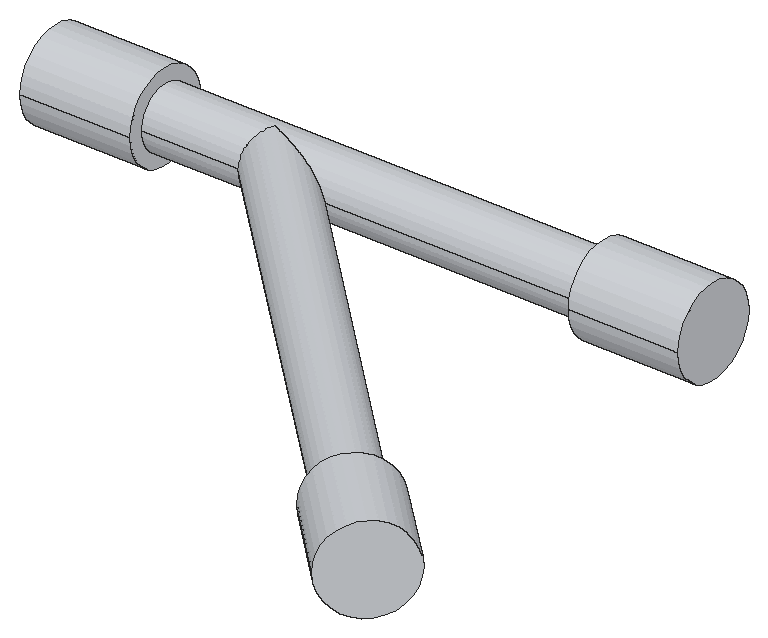
Revit family "06a89709483b40dc8cf69f677e60b89f", category Pipe Accessories, Revit 2021
Family settings
  Round Connector Dimension = Use Radius
  Part Type = Breaks Into
  OmniClass Number = 23.65.55.14
  OmniClass Title = Valves for Liquid Services
  Seek Item ID = Y Strainer - 0.25-4 Inch - Threaded-0000-USA-ENU
  Work Plane-Based = No
  Always vertical = Yes
  Cut with Voids When Loaded = No
  Shared = No
Parameters (values of type "1/4"")
  Strainer Material = none
  Strainer Length 2 = 0' - 2 1/2"
  Strainer Length 1 = 0' - 3"
  Socket Radius = Socket Diameter / 2  # 0' - 0.2"
  Socket Diameter = Nominal Radius * 3.2  # 0' - 0.4"
  Outside Radius = Outside Diameter / 2  # 0' - 0.1375"
  Outside Diameter = Nominal Radius * 2.2  # 0' - 0.275"
  Nominal Radius = 1/8"
  Nominal Diameter = Nominal Radius * 2  # 1/4"
  Length = 0' - 0 1/2"
  K Coefficient = 0.1
  Default Elevation = 0' - 0"
Types (12): name | Strainer Length 2 | Strainer Length 1 | Socket Radius | Socket Diameter | Outside Radius | Outside Diameter | Nominal Radius | Nominal Diameter | Length | K Coefficient
  (no name) | 0' - 2 1/2" | 0' - 3" | 0' - 0.2" | 0' - 0.4" | 0' - 0.1375" | 0' - 0.275" | 1/8" | 1/4" | 0' - 0 1/2" | 0.1
  1/4" | 0' - 2 1/2" | 0' - 3" | 0' - 0.2" | 0' - 0.4" | 0' - 0.1375" | 0' - 0.275" | 1/8" | 1/4" | 0' - 0 1/2" | 0.1
  3/8" | 0' - 2 1/4" | 0' - 3" | 0' - 0.3" | 0' - 0.6" | 0' - 0.20625" | 0' - 0.4125" | 3/16" | 3/8" | 0' - 0 1/2" | 0.36
  1/2" | 0' - 2 5/8" | 0' - 3" | 0' - 0.4" | 0' - 0.8" | 0' - 0.275" | 0' - 0.55" | 1/4" | 1/2" | 0' - 0 1/2" | 0.62
  3/4" | 0' - 3 5/8" | 0' - 4" | 0' - 0.6" | 0' - 1.2" | 0' - 0.4125" | 0' - 0.825" | 3/8" | 3/4" | 0' - 1" | 0.81
  1" | 0' - 3 1/2" | 0' - 4 7/8" | 0' - 0.8" | 0' - 1.6" | 0' - 0.55" | 0' - 1.1" | 1/2" | 1" | 0' - 1" | 0.99
  1 1/4" | 0' - 4 1/4" | 0' - 5 1/8" | 0' - 1" | 0' - 2" | 0' - 0 11/16" | 0' - 1 3/8" | 5/8" | 1 1/4" | 0' - 1" | 1.08
  1 1/2" | 0' - 4" | 0' - 5 3/4" | 0' - 1.2" | 0' - 2.4" | 0' - 0.825" | 0' - 1.65" | 3/4" | 1 1/2" | 0' - 1" | 1.21
  2" | 0' - 5 3/4" | 0' - 7 1/4" | 0' - 1.6" | 0' - 3.2" | 0' - 1.1" | 0' - 2.2" | 1" | 2" | 0' - 1" | 1.48
  2 1/2" | 0' - 7 1/2" | 0' - 8 7/8" | 0' - 2" | 0' - 4" | 0' - 1 3/8" | 0' - 2 3/4" | 1 1/4" | 2 1/2" | 0' - 1" | 2.07
  3" | 0' - 8" | 0' - 10" | 0' - 2.4" | 0' - 4.8" | 0' - 1.65" | 0' - 3.3" | 1 1/2" | 3" | 0' - 1" | 2.77
  4" | 1' - 0 1/2" | 1' - 3 1/4" | 0' - 3.2" | 0' - 6.4" | 0' - 2.2" | 0' - 4.4" | 2" | 4" | 0' - 1" | 3.47
Reference planes (in)
  plane 1 "Center (Front/Back)": y = 0
  plane 2: z = 0
  plane 3 "Center (Left/Right)": x = 0
  plane 4: x = -0.5
  plane 5: x = -1
  plane 6: x = 2
  plane 7: x = 1.5
  plane 8: y = 0.2
  plane 9: y = -0.2
Forms (in)
  Sweep 1, solid, material <- "Strainer Material", detail levels fine
    path in 3D
      loop
        line (-1, 0, 0) -> (-0.5, 0, 0)
    profile origin (-0.75, 0, 0) x (0, 1, 0) y (0, 0, 1)
      loop
        circle (0, 0) r 0.2
  Sweep 2, solid, material <- "Strainer Material", detail levels fine
    path in 3D
      loop
        line (-0.5, 0, 0) -> (1.5, 0, 0)
    profile origin (0.5, 0, 0) x (0, 1, 0) y (0, 0, 1)
      loop
        circle (0, 0) r 0.1375
  Sweep 3, solid, material <- "Strainer Material", detail levels fine
    path in 3D
      loop
        line (1.5, 0, 0) -> (2, 0, 0)
    profile origin (1.75, 0, 0) x (0, 1, 0) y (0, 0, 1)
      loop
        circle (0, 0) r 0.2
  Sweep 4, solid, material <- "Strainer Material", detail levels fine
    path in 3D
      loop
        line (0, 0, 0) -> (1.76777, -1.76777, 0)
    profile origin (0.88388, -0.88388, 0) x (0.707107, 0.707107, 0) y (0, 0, 1)
      loop
        circle (0, 0) r 0.1375
  Sweep 5, solid, material <- "Strainer Material", detail levels fine
    path in 3D
      loop
        line (1.76777, -1.76777, 0) -> (2.12132, -2.12132, 0)
    profile origin (1.94454, -1.94454, 0) x (0.707107, 0.707107, 0) y (0, 0, 1)
      loop
        circle (0, 0) r 0.2
Cuts and joins
  joined: Sweep 1, Sweep 2, Sweep 3, Sweep 4, Sweep 5
Lines and regions (in)
  model lines, detail levels coarse+medium
    curve 1: line (-1, 0, 0) -> (-0.5, 0, 0)
    curve 2: line (-0.5, 0, 0) -> (1.5, 0, 0)
    curve 3: line (1.5, 0, 0) -> (2, 0, 0)
    curve 4: line (0, 0, 0) -> (1.76777, -1.76777, 0)
    curve 5: line (1.76777, -1.76777, 0) -> (2.12132, -2.12132, 0)
    curve 11: line (-1, 0.2, 0) -> (-1, -0.2, 0)
    curve 12: line (2, 0.2, 0) -> (2, -0.2, 0)
    curve 13: line (2.12132, -2.12132, 0) -> (2.26274, -1.9799, 0)
    curve 14: line (2.12132, -2.12132, 0) -> (1.9799, -2.26274, 0)
  sketch lines
    curve 6: line (-1, 0, 0) -> (-0.5, 0, 0)
    curve 7: line (-0.5, 0, 0) -> (1.5, 0, 0)
    curve 8: line (1.5, 0, 0) -> (2, 0, 0)
    curve 9: line (0, 0, 0) -> (1.76777, -1.76777, 0)
    curve 10: line (1.76777, -1.76777, 0) -> (2.12132, -2.12132, 0)
Dimensions and locks (in)
  "Strainer Length 1": plane 6 to plane 5
  "Strainer Length 2": curve 4 to curve 4
  "Length": curve 5 to curve 5
  locked: plane 4 to plane 3 "Center (Left/Right)" at 0.5
  "Length": plane 7 to plane 6
  "Length": plane 5 to plane 4
  "Socket Radius": plane 8 to plane 1 "Center (Front/Back)"
  "Socket Radius": plane 9 to plane 1 "Center (Front/Back)"
  "Socket Radius": curve 13 to curve 13
  "Socket Radius": curve 14 to curve 14
  "Socket Radius": radius of Sweep 1 sketch curve
  "Outside Radius": radius of Sweep 2 sketch curve
  "Socket Radius": radius of Sweep 3 sketch curve
  "Outside Radius": radius of Sweep 4 sketch curve
  "Socket Radius": radius of Sweep 5 sketch curve
  locked: curve 4 to curve 2 (angle 45.00°)
  locked: curve 5 to plane 1 "Center (Front/Back)" (angle 45.00°)
  locked: curve 13 to curve 5 (angle 90.00°)
  locked: curve 5 to curve 14 (angle 90.00°)
  aligned and locked: plane 5 to curve 1
  aligned and locked: plane 4 to curve 1
  aligned and locked: plane 3 "Center (Left/Right)" to curve 4
  aligned and locked: plane 1 "Center (Front/Back)" to Sweep 2 sketch curve
  aligned and locked: plane 2 to Sweep 2 sketch curve
  aligned and locked: plane 1 "Center (Front/Back)" to Sweep 1 sketch curve
  aligned and locked: plane 2 to Sweep 1 sketch curve
  aligned and locked: plane 1 "Center (Front/Back)" to Sweep 3 sketch curve
  aligned and locked: plane 2 to Sweep 3 sketch curve
  aligned and locked: plane 2 to Sweep 4 sketch curve
  aligned and locked: plane 2 to Sweep 5 sketch curve
  aligned and locked: curve 11 to plane 5
  aligned and locked: plane 8 to curve 11
  aligned and locked: plane 9 to curve 11
  aligned and locked: curve 12 to plane 6
  aligned and locked: plane 8 to curve 12
  aligned and locked: plane 9 to curve 12
Automatic sketch dimensions
  Sweep 4 sketch curve to profile plane = 0' - 0"
  Sweep 5 sketch curve to profile plane = 0' - 0"
  curve 2 to plane 1 "Center (Front/Back)" = 0' - 0"
  curve 2 to plane 7 = 0' - 0"
Connectors (in)
  piping at (-1, 0, 0), diameter 0.25, driven by "Nominal Radius"
    settings: on cut or joined group of Sweep 1, Sweep 2, Sweep 3, Sweep 4, Sweep 5, index 1, connector inside diameter 1/4", connector length 0' - 0", flow factor 0, pipe flow 0 GPM, pressure drop 0.00 psi, fitting loss kfactor 0, connector angle 0.00°, fixture units 0, engagement length 0' - 0", angle of deflection 0.00°, flow configuration 0, flow direction 0, fitting loss method 2, system type 29, joint type 0, gender type 0, connector reference index 2, connector utility 0, adjustable connector no, is connector primary yes, connector description ""
  piping at (2, 0, 0), diameter 0.25, driven by "K Coefficient", driven by "Nominal Radius"
    settings: on cut or joined group of Sweep 1, Sweep 2, Sweep 3, Sweep 4, Sweep 5, index 2, connector inside diameter 1/4", connector length 0' - 0", flow factor 0, pipe flow 0 GPM, pressure drop 0.00 psi, fitting loss kfactor 0.1, connector angle 0.00°, fixture units 0, engagement length 0' - 0", angle of deflection 0.00°, flow configuration 0, flow direction 0, fitting loss method 2, system type 29, joint type 0, gender type 0, connector reference index 1, connector utility 0, adjustable connector no, is connector primary no, connector description ""
